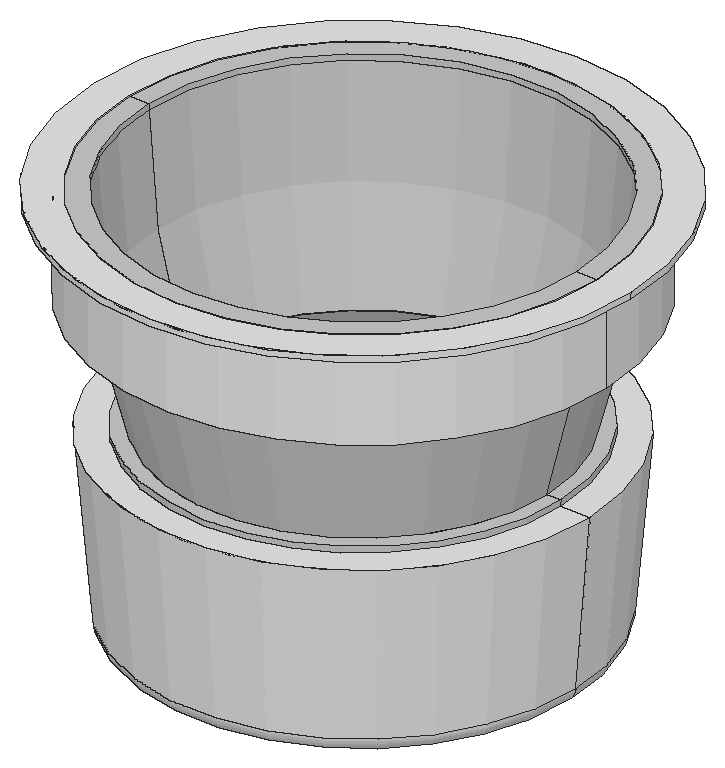
Revit family "2059353 Lighting Fixture_Sylvania_Ascent 150 II Round_Ceiling Recessed", category Lighting Fixtures, host Face, Revit 2017
Family settings
  Host = Face
  Round Connector Dimension = Use Diameter
  Part Type = Normal
  OmniClass Number = 23.80.70.11.17
  OmniClass Title = Specialized Lighting by Location or Use
  Cut with Voids When Loaded = No
  Light Source = Yes
  Shared = No
  Room Calculation Point = No
Parameters (values of type "ASCENT 150 II 1700 4K DALI")
  Upper Body Radius = Radius - 14.5 mm  # 80.0 mm
  Upper Body Material = Metal_Sylvania_Ascent 150 II_Black
  Ring Outer Diameter = Diameter - 17.0 mm  # 172.0 mm
  Ring Inner Diameter = Ring Outer Diameter - 4.0 mm  # 168.0 mm
  Reflector Material = Metal_Sylvania_Ascent 150 II_Polished
  Recessed Depth = 142.0 mm
  Radius = Diameter / 2  # 94.5 mm
  Light Emit  Diameter = Diameter - 38.0 mm  # 151.0 mm
  LOR = "100%"  # constant formula
  Inrush Current (max. quantity per 16A C breaker) = "80"  # constant formula
  Inner Reflector Radius = Inner Radius - 19.5 mm  # 63.0 mm
  Inner Radius = Inner Diameter / 2  # 82.5 mm
  Inner Diameter = Diameter - 24.0 mm  # 165.0 mm
  IP Rating = "IP44"  # constant formula
  IK Rating = "IK02"  # constant formula
  Glow Wire Test = 650 °C  # constant formula
  Energy Class = "A++,A+,A"  # constant formula
  Weight = 1.7 kg
  Wattage = 14.1301 W
  built-in parameter 1150110 = 1 (stored number, unit not read)
  Voltage Comments = "UNV (Universal Voltage; 220-240 Volt)"  # constant formula
  Voltage = 230 V  # constant formula
  URL = "https://www.sylvania-lighting.com"
  built-in parameter 1114217 = 1 (stored number, unit not read)
  Tilt Angle = -90°
  built-in parameter 1150109 = 1 (stored number, unit not read)
  built-in parameter 1150134 = 12
  built-in parameter 1150113 = 1 (stored number, unit not read)
  Product Page URL = "https://www.sylvania-lighting.com/product/en-int/products/2059353"
  Product Family = "ASCENT 150 II ROUND"  # constant formula
  Photometry Comments = ""
  Photometric Web File = "2059353_ASCENT150II17004KDALI-206188.ies"
  Life = "50 000 h"  # constant formula
  Emit from Circle Diameter = Light Emit  Diameter  # 151.0 mm
  Emit Shape Visible in Rendering = no
  Emergency duration (h) = "N/A"
  Electrical Protection = "Class II"  # constant formula
  Drive Current = "500mA"  # constant formula
  Distribution type = "Direct"  # constant formula
  Diffuser Material = Glass_Sylvania_Ascent 150 II_Clear_4000K
  Diameter = 189.0 mm
  Cutout Diameter = Diameter - 13.0 mm  # 176.0 mm
  Colour consistency (SDCM) = "3 step"  # constant formula
  built-in parameter 1114216 [instance] = 1 (stored number, unit not read)
  Model = "ASCENT 150 II 1700 4K DALI"
  Manufacturer = "Feilo Sylvania"
  built-in parameter 1150105 = 1060.3 (stored number, unit not read)
  Lumens = 1738 lm
  built-in parameter 1150115 = 1 (stored number, unit not read)
  built-in parameter 1150137 = (empty or 0)
  built-in parameter 1150139 = (empty or 0)
  built-in parameter 1150112 = 1 (stored number, unit not read)
  built-in parameter 1150114 = 1 (stored number, unit not read)
  Lamp Comments = "Integrated LED"  # constant formula
  Lamp = "LED"  # constant formula
  built-in parameter 1150132 = 2
  built-in parameter 1150102 = (empty or 0)
  built-in parameter 1150107 = 4000 (stored number, unit not read)
  built-in parameter 1150138 = (empty or 0)
  built-in parameter 1150106 = 10.603 (stored number, unit not read)
  built-in parameter 1150104 = 11.427 (stored number, unit not read)
  Dimming Lamp Color Temperature Shift = <None>
  Description = "A very high efficient round downlight up to 127lm/W Long life >50,000hrs 4,000K and 3,000K CCT and CRI Ra85 IP44 rated for wet areas and bathrooms UGR <19 version for offices to comply with EN12464-1 Wide selection of decorative accessories"  # constant formula
  Default Elevation = 0.0 mm
  Color Filter = 16777215
  Catalog Number = "2059353 ASCENT 150 II 1700 4K DALI"
  built-in parameter 1140040 [instance] = 1
  CRI (Ra) = ">80"  # constant formula
  built-in parameter 1114218 = 1 (stored number, unit not read)
  built-in parameter 1150133 = 10 (stored number, unit not read)
  Assembly Code = "D5020200"
  Apparent Load Comments = ""
  Apparent Load = 14 VA
  Accessory Material = Aluminum_Sylvania_Ascent 150 II_White
Reference planes
  plane 1 "Center (Front/Back)": y = 0
  plane 2: z = 0
  plane 3 "Center (Left/Right)": x = 0
  plane 4: z = 2
  plane 5: z = -74
  plane 6 "Fixture Top": z = -140
  plane 7: z = -31
  plane 8: z = -72
  plane 9: z = -62.037
Forms (mm)
  Extrusion 1, solid, material "Aluminum_Sylvania_Ascent 150 II_White" <- "Accessory Material", detail levels fine
    sketch origin (0, 0, 0) x (1, 0, 0) y (0, 1, 0)
      loop
        circle (0, 0) r 94.5
      loop
        circle (0, 0) r 82.5
    from 0 to 2
  Extrusion 2, void
    sketch origin (0, 0, 0) x (1, 0, 0) y (0, 1, 0)
      loop
        circle (0, 0) r 88
    from -140 to 2
  Revolve 3, solid, material "Metal_Sylvania_Ascent 150 II_Polished" <- "Reflector Material", detail levels fine
    sketch origin (0, 0, 0) x (1, 0, 0) y (0, 0, 1)
      loop
        line (-82.5, 0) -> (-77.5, 0)
        arc (-77.5, 0) -> (-74.352, -36.539) -> (-65, -72) r 213.61
        line (-65, -72) -> (-70, -72) -> (-70, -74) -> (0, -74) -> (0, -72) -> (-63, -72)
        arc (-63, -72) -> (-72.352, -36.539) -> (-75.5, 0) r 213.61
        line (-75.5, 0) -> (-75.5, 2) -> (-82.5, 2) -> (-82.5, 0)
      axis (0, 2) -> (0, -74)
    angle from 0 to 360
  Extrusion 4, solid, material "Aluminum_Sylvania_Ascent 150 II_White" <- "Accessory Material", detail levels fine
    sketch origin (0, 0, 0) x (1, 0, 0) y (0, 1, 0)
      loop
        circle (0, 0) r 86
      loop
        circle (0, 0) r 84
    from -31 to 0
  Revolve 5, solid, material "Glass_Sylvania_Ascent 150 II_Clear_4000K" <- "Diffuser Material", detail levels fine
    sketch origin (0, 0, 0) x (1, 0, 0) y (0, 0, 1)
      loop
        line (-63, -72) -> (0, -72) -> (0, -62.037)
        arc (0, -62.037) -> (-31.891, -64.543) -> (-63, -72) r 204.163
      axis (0, -62.037) -> (0, -72)
    angle from 0 to 360
  Revolve 6, solid, material "Metal_Sylvania_Ascent 150 II_Black" <- "Upper Body Material", detail levels fine
    sketch origin (0, 0, 0) x (1, 0, 0) y (0, 0, 1)
      loop
        line (0, -74) -> (-80, -74) -> (-75.107, -129.929)
        arc (-75.107, -129.929) -> (-73.452, -133.536) -> (-69.924, -135.353) r 6.079
        arc (-69.924, -135.353) -> (-35.039, -138.837) -> (0, -140) r 528.435
        line (0, -140) -> (0, -74)
      axis (0, -74) -> (0, -140)
    angle from 0 to 360
  Revolve 7, solid, material "Aluminum_Sylvania_Ascent 150 II_White" <- "Accessory Material", detail levels coarse+medium
    sketch origin (0, 0, 0) x (1, 0, 0) y (0, 0, 1)
      loop
        arc (-69.924, -135.353) -> (-35.039, -138.837) -> (0, -140) r 528.435
        line (0, -140) -> (0, 2) -> (-94.5, 2) -> (-94.5, 0) -> (-86, 0) -> (-86, -31)
        arc (-86, -31) -> (-84.493, -52.708) -> (-80, -74) r 157.083
        line (-80, -74) -> (-75.107, -129.929)
        arc (-75.107, -129.929) -> (-73.452, -133.536) -> (-69.924, -135.353) r 6.079
      axis (0, 2) -> (0, -140)
    angle from 0 to 360
Cuts and joins
  joined: Extrusion 1, Extrusion 4
Lines and regions (mm)
  Masking region 1
    outline origin (0, 0, 0) x (1, 0, 0) y (0, 1, 0)
      loop
        circle (0, 0) r 94.5
  symbolic lines, detail levels fine
    curve 1: arc (-75.5, 0, 0) -> (0, 75.5, 0) -> (75.5, 0, 0) r 75.5
    curve 2: arc (75.5, 0, 0) -> (0, -75.5, 0) -> (-75.5, 0, 0) r 75.5
Dimensions and locks
  plane 4 to plane 2 to plane 7 to plane 9 to plane 8 to plane 5 = 2.0 mm locked, 31.0 mm locked, 31.037 mm locked, 9.963 mm locked, 2.0 mm locked
  "Inner Radius": plane 3 "Center (Left/Right)" to Revolve 3 sketch curve
  locked: Revolve 3 sketch curve to Revolve 3 sketch curve at 7
  Revolve 3 sketch curve to Revolve 3 sketch curve to Revolve 3 sketch curve to Revolve 3 sketch curve = 2.0 mm locked, 5.0 mm locked, 12.5 mm locked
  "Inner Reflector Radius": Revolve 5 sketch curve to imposter light
  Revolve 6 sketch curve to Revolve 6 sketch curve to plane 6 "Fixture Top" = 5.424 mm locked, 4.647 mm locked
  "Recessed Depth": plane 4 to plane 6 "Fixture Top"
  "Upper Body Radius": plane 3 "Center (Left/Right)" to Revolve 6 sketch curve
  Revolve 6 sketch curve to Revolve 6 sketch curve to Revolve 6 sketch curve = 4.893 mm locked, 5.183 mm locked
  Revolve 7 sketch curve to Revolve 7 sketch curve to plane 6 "Fixture Top" = 5.424 mm locked, 4.647 mm locked
  Revolve 7 sketch curve to Revolve 7 sketch curve to Revolve 7 sketch curve to Revolve 7 sketch curve to Revolve 7 sketch curve = 8.5 mm locked, 6.0 mm locked, 4.893 mm locked, 5.183 mm locked
  "Radius": plane 3 "Center (Left/Right)" to Revolve 7 sketch curve
  "Diameter": diameter of Extrusion 1 sketch curve
  "Inner Diameter": diameter of Extrusion 1 sketch curve
  "Cutout Diameter": diameter of Extrusion 2 sketch curve
  "Ring Outer Diameter": diameter of Extrusion 4 sketch curve
  "Ring Inner Diameter": diameter of Extrusion 4 sketch curve
  aligned and locked: plane 2 to host face
  aligned and locked: level to host face
  aligned and locked: imposter light to plane 3 "Center (Left/Right)"
  aligned and locked: imposter light to plane 1 "Center (Front/Back)"
  aligned and locked: Extrusion 1 to plane 2
  aligned and locked: plane 4 to Extrusion 1
  aligned and locked: imposter light to plane 4
  aligned and locked: imposter light to Revolve 3 sketch curve
  aligned and locked: Revolve 3 sketch curve to imposter light
  aligned and locked: Revolve 3 sketch curve to plane 2
  aligned and locked: Revolve 3 sketch curve to Revolve 3 sketch curve
  aligned and locked: plane 5 to Revolve 3 sketch curve
  aligned and locked: Extrusion 4 to plane 7
  aligned and locked: Revolve 3 sketch curve to plane 8
  aligned and locked: Revolve 5 sketch curve to plane 8
  aligned and locked: imposter light to Revolve 5 sketch curve  (x2)
  aligned and locked: imposter light to Revolve 6 sketch curve  (x2)
  aligned and locked: plane 5 to Revolve 6 sketch curve
  aligned and locked: plane 6 "Fixture Top" to Revolve 6 sketch curve
  aligned and locked: Revolve 7 sketch curve to plane 2
  aligned and locked: plane 4 to Revolve 7 sketch curve
  aligned and locked: plane 7 to Revolve 7 sketch curve
  aligned and locked: imposter light to Extrusion 2
  aligned and locked: Extrusion 2 to plane 6 "Fixture Top"
  aligned and locked: Masking region 1 sketch curve to Revolve 7  (x2)
  aligned and locked: curve 1 to Revolve 3
  aligned and locked: curve 2 to Revolve 3
Automatic sketch dimensions
  host sketch curve to host sketch curve = 1040.406 mm
  host sketch curve to host sketch curve = 988.385 mm
  Extrusion 1 sketch curve to Extrusion 1 sketch curve = 0.0 mm  (x2)
  plane 1 "Center (Front/Back)" to Extrusion 1 sketch curve = 0.0 mm
  Extrusion 1 sketch curve to plane 3 "Center (Left/Right)" = 0.0 mm
  plane 1 "Center (Front/Back)" to Extrusion 2 sketch curve = 0.0 mm
  Extrusion 2 sketch curve to plane 3 "Center (Left/Right)" = 0.0 mm
  Revolve 3 sketch curve to plane 3 "Center (Left/Right)" = 0.0 mm
  Revolve 3 sketch curve to level = 0.0 mm
  Revolve 3 sketch curve to Revolve 3 sketch curve = 2.0 mm
  Revolve 3 sketch curve to plane 5 = 27.065 mm
  plane 4 to Revolve 3 sketch curve = 16.525 mm
  Extrusion 4 sketch curve to Extrusion 4 sketch curve = 0.0 mm  (x2)
  plane 1 "Center (Front/Back)" to Extrusion 4 sketch curve = 0.0 mm
  Extrusion 4 sketch curve to plane 3 "Center (Left/Right)" = 0.0 mm
  Revolve 5 sketch curve to plane 9 = 0.0 mm
  Revolve 5 sketch curve to plane 5 = 17.158 mm
  Revolve 5 sketch curve to plane 7 = 15.158 mm
  Revolve 6 sketch curve to plane 7 = 0.0 mm
  Revolve 6 sketch curve to Revolve 6 sketch curve = 6.05 mm
  Revolve 6 sketch curve to plane 6 "Fixture Top" = 26.0 mm
  Revolve 7 sketch curve to plane 3 "Center (Left/Right)" = 0.0 mm  (x2)
  Revolve 7 sketch curve to plane 6 "Fixture Top" = 0.0 mm
  Revolve 7 sketch curve to plane 5 = 0.0 mm
  Revolve 7 sketch curve to plane 7 = 0.0 mm
  Revolve 7 sketch curve to Revolve 7 sketch curve = 0.866 mm
  Revolve 7 sketch curve to Revolve 7 sketch curve = 26.0 mm
Connectors
  electrical at (0, 0, -140), driven by "Apparent Load", driven by "Voltage"
    settings: index 1, voltage 230 V, apparent load 0 VA, apparent load phase1 14 VA, apparent load phase2 0 VA, apparent load phase3 0 VA, power factor 1, load classification "Lighting", number of poles 1, system type 31, power factor state 1, is connector primary yes, connector utility no, sub classification motor no, connector description ""
